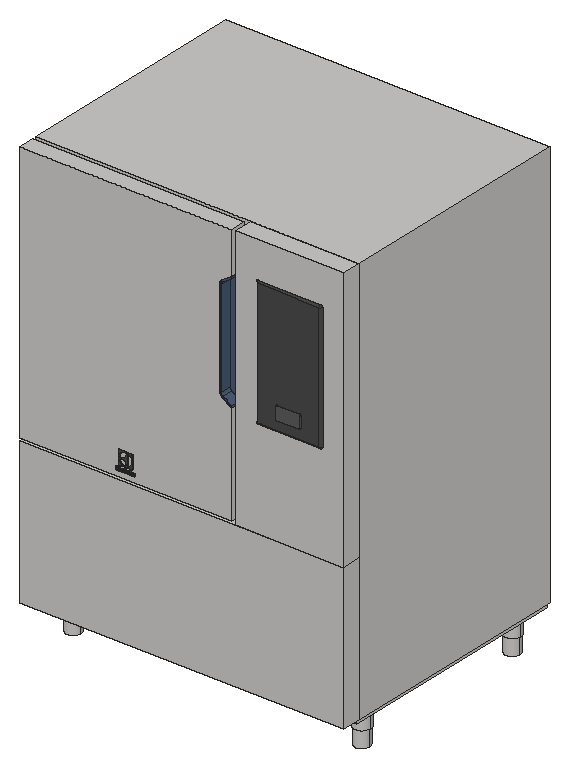
Revit family "QF_ELECTROLUXPROFESSIONAL_727741_EBFA12RE", category Specialty Equipment, Revit 2018
Family settings
  Round Connector Dimension = Use Diameter
  Part Type = Normal
  Work Plane-Based = No
  Always vertical = Yes
  Cut with Voids When Loaded = No
  Shared = No
  Room Calculation Point = No
Parameters
  Weight = 0.00 kg
  Watts = 0 W
  Volts = 220 V
  URL Manufacturer = "http://professional.electrolux.com"
  URL = "http://professional.electrolux.com"
  Steam Supply Size = 0 mm
  Steam Supply Minimum Pressure = 0.0 Pa
  Steam Supply Maximum Pressure = 0.0 Pa
  Steam Pounds per Hour = 0
  Show Logo [instance] = yes
  Show Clearance [instance] = yes
  Refrigeration Suction Line Size = 0 mm
  Refrigeration Liquid Line Size = 0 mm
  Refrigerant Compressor Remote = yes
  Manufacturer = "Electrolux"
  Phase = 1
  Model = "EBFA12RE"
  Length Actual = 1250 mm  # constant formula
  Item Number = "727741"
  Hot Water Size = 0 mm
  Height Actual = 1730 mm  # constant formula
  HP = "2.5 HP"
  Gas Size = 0 mm
  Gas KW = 0
  Gas Input Pressure = 0 W
  Direct Waste Size = 139.7 mm
  Description = "SKYLINE CHILLS BLAST CHILLER FREEZER 100/70KG 10 GN 2/1 - REMOTE REFRIGERATING UNIT"
  Depth Actual = 1092 mm  # constant formula
  Cycle = 60 Hz
  Condensate Return Size = 0 mm
  Compressed Air Volume = 0.0 L/s
  Compressed Air Size = 0 mm
  Compressed Air Pressure = 0.0 Pa
  Cold Water Size = 0 mm
  Accessory = yes
Reference planes
  plane 1 "Center X": y = 205.851
  plane 2: z = 0
  plane 3 "Center Y": x = -311.5
  plane 4 "BACK": y = 703.851
  plane 5 "FRONT": y = -292.149
  plane 6: z = 130
  plane 7 "TOP": z = 1730
  plane 8: y = 608.851
  plane 9: y = 795.851
  plane 10: y = -1071.149
  plane 11 "RIGHT": x = 313.5
  plane 12 "LEFT": x = -936.5
  plane 13: x = -869.5
  plane 14: x = 246.5
  plane 15: y = -118.149
Forms (mm)
  Extrusion 1, solid, material "QF_Finishes_Stainless Steel"
    sketch origin (0, 0, 1730) x (-1, 0, 0) y (0, -1, 0)
      loop
        line (936.5, -703.851) -> (936.5, 216.149) -> (-313.5, 216.149) -> (-313.5, -703.851) -> (936.5, -703.851)
    from 0 to -1580
  Extrusion 2, solid, material "QF_Finishes_Stainless Steel"
    sketch origin (-645.92, -0.954, 258.709) x (0, 1, 0) y (0, 0, 1)
      loop
        line (704.805, 694.306) -> (704.805, 392.314) -> (789.5, 399.789)
        arc (789.5, 399.789) -> (794.702, 402.354) -> (796.805, 407.759) r 8
        line (796.805, 407.759) -> (796.805, 433.233)
        arc (796.805, 433.233) -> (792.783, 442.547) -> (796.805, 451.86) r 12.795
        line (796.805, 451.86) -> (796.805, 483.24)
        arc (796.805, 483.24) -> (792.783, 492.554) -> (796.805, 501.867) r 12.795
        line (796.805, 501.867) -> (796.805, 533.247)
        arc (796.805, 533.247) -> (792.783, 542.56) -> (796.805, 551.874) r 12.795
        line (796.805, 551.874) -> (796.805, 583.254)
        arc (796.805, 583.254) -> (792.783, 592.567) -> (796.805, 601.881) r 12.795
        line (796.805, 601.881) -> (796.805, 634.796)
        arc (796.805, 634.796) -> (795.466, 639.795) -> (791.808, 643.455) r 10
        line (791.808, 643.455) -> (704.805, 694.306)
    from 618.187 to 801.865
  Extrusion 3, solid, material "QF_Finishes_Stainless Steel"
    sketch origin (-261.647, 703.851, 2065) x (1, 0, 0) y (0, 0, -1)
      loop
        circle (482.147, 1472) r 10.5
    from 0 to 29
  Extrusion 4, solid, material "QF_Finishes_Stainless Steel"
    sketch origin (-1206.916, -1524, 130) x (-1, 0, 0) y (0, -1, 0)
      loop
        line (-270.416, -1231.851) -> (-1520.416, -1231.851) -> (-1520.416, -1306.851) -> (-270.416, -1306.851) -> (-270.416, -1231.851)
    from 580 to 20.02
  Extrusion 5, solid, material "QF_Finishes_Stainless Steel"
    sketch origin (-1206.916, -1524, 130) x (-1, 0, 0) y (0, -1, 0)
      loop
        line (-279.416, -2227.851) -> (-279.416, -1309.851) -> (-1511.416, -1309.851) -> (-1511.416, -2227.851) -> (-279.416, -2227.851)
    from 20 to 0
  Extrusion 6, solid, material "QF_Finishes_Stainless Steel"
    sketch origin (-1206.916, -1524, 130) x (0, -1, 0) y (-1, 0, 0)
      loop
        circle (-1739.851, -840.416) r 9.5
    from 0 to 31.68
  Extrusion 7, void
    sketch origin (114.08, 0, 1730) x (-1, 0, 0) y (0, -1, 0)
      loop
        line (132.09, -795.851) -> (141.813, -795.851) -> (141.813, -703.851) -> (140.183, -703.851) -> (132.09, -795.851)
      loop
        line (-40.234, -703.851) -> (-41.865, -703.851) -> (-41.865, -795.851) -> (-32.141, -795.851) -> (-40.234, -703.851)
    from -1080 to -770
  Extrusion 8, solid, material "QF_Finishes_Stainless Steel"
    sketch origin (-623, -292.149, 0) x (1, 0, 0) y (0, 0, -1)
      loop
        line (504.7, -1730) -> (504.7, -1567.97) -> (468.447, -1543.888)
        arc (468.447, -1543.888) -> (462.216, -1537.041) -> (459.96, -1528.062) r 19
        line (459.96, -1528.062) -> (459.96, -1153.149)
        arc (459.96, -1153.149) -> (462.339, -1143.688) -> (468.91, -1136.479) r 20
        line (468.91, -1136.479) -> (504.7, -1112.756) -> (504.7, -719.524) -> (-313.5, -719.524) -> (-313.5, -1730) -> (504.7, -1730)
    from 0 to 60
  Extrusion 9, solid, material "QF_Finishes_Stainless Steel"
    sketch origin (-445.5, 0, 1060.038) x (1, 0, 0) y (0, 1, 0)
      loop
        line (759, -292.149) -> (759, -217.149) -> (342, -217.149) -> (342, -292.149) -> (759, -292.149)
    from 669.962 to -349
  Extrusion 10, solid, material "QF_Door-Drawer Clearances", visible <- "Show Clearance", detail levels coarse
    sketch origin (-623, 0, 1060.038) x (1, 0, 0) y (0, 1, 0)
      loop
        line (-260.5, -292.149) -> (-260.5, -1068.649)
        arc (-260.5, -1068.649) -> (276.158, -832.215) -> (504.7, -292.149) r 795
        line (504.7, -292.149) -> (-260.5, -292.149)
    from -340.514 to 669.962
  Extrusion 11, solid, material "QF_Finishes_Stainless Steel"
    sketch origin (-569.5, -232.149, 600.072) x (1, 0, 0) y (0, 0, -1)
      loop
        line (406.46, -553.076) -> (406.46, -927.989)
        arc (406.46, -927.989) -> (408.716, -936.969) -> (414.947, -943.816) r 19
        line (414.947, -943.816) -> (451.2, -967.898) -> (451.2, -512.683) -> (415.41, -536.406)
        arc (415.41, -536.406) -> (408.839, -543.616) -> (406.46, -553.076) r 20
    from -21 to 0
  Extrusion 12, solid, material "QF_Finishes_Electrolux_Blue"
    sketch origin (-569.5, -292.149, 600.072) x (-1, 0, 0) y (0, 0, -1)
      loop
        line (-451.2, -967.898) -> (-414.947, -943.816)
        arc (-414.947, -943.816) -> (-408.716, -936.969) -> (-406.46, -927.989) r 19
        line (-406.46, -927.989) -> (-406.46, -553.076)
        arc (-406.46, -553.076) -> (-408.839, -543.616) -> (-415.41, -536.406) r 20
        line (-415.41, -536.406) -> (-451.2, -512.683) -> (-453.7, -512.683) -> (-453.7, -518.824) -> (-419.001, -541.824)
        arc (-419.001, -541.824) -> (-414.566, -546.691) -> (-412.96, -553.076) r 13.5
        line (-412.96, -553.076) -> (-412.96, -927.989)
        arc (-412.96, -927.989) -> (-414.444, -933.897) -> (-418.543, -938.401) r 12.5
        line (-418.543, -938.401) -> (-453.7, -961.755) -> (-453.7, -967.898) -> (-451.2, -967.898)
    from -39 to 1
  Extrusion 13, void
    sketch origin (136, -219.149, 1731) x (1, 0, 0) y (0, 0, -1)
      loop
        line (-387.5, 75) -> (-387.5, 977) -> (-998.5, 977) -> (-998.5, 75) -> (-387.5, 75)
    from 0 to 705
  Extrusion 14, solid, material "QF_Door-Drawer Clearances", visible <- "Show Clearance", detail levels coarse
    sketch origin (-943.5, -326.949, 0) x (0, -1, 0) y (0, 0, -1)
      loop
        line (741.7, -1730) -> (741.7, -1567.97) -> (705.447, -1543.888)
        arc (705.447, -1543.888) -> (699.216, -1537.041) -> (696.96, -1528.062) r 19
        line (696.96, -1528.062) -> (696.96, -1153.149)
        arc (696.96, -1153.149) -> (699.339, -1143.688) -> (705.91, -1136.479) r 20
        line (705.91, -1136.479) -> (741.7, -1112.756) -> (741.7, -719.524) -> (-34.8, -719.524) -> (-34.8, -1730) -> (741.7, -1730)
    from 0 to 60
  Extrusion 15, solid, material "QF_Door-Drawer Clearances", visible <- "Show Clearance", detail levels coarse
    sketch origin (-883.5, -380.449, 600.072) x (0, -1, 0) y (0, 0, -1)
      loop
        line (643.46, -553.076) -> (643.46, -927.989)
        arc (643.46, -927.989) -> (645.716, -936.969) -> (651.947, -943.816) r 19
        line (651.947, -943.816) -> (688.2, -967.898) -> (688.2, -512.683) -> (652.41, -536.406)
        arc (652.41, -536.406) -> (645.839, -543.616) -> (643.46, -553.076) r 20
    from -21 to 0
  Extrusion 16, solid, material "QF_Door-Drawer Clearances", visible <- "Show Clearance", detail levels coarse
    sketch origin (-943.5, -380.449, 600.072) x (0, 1, 0) y (0, 0, -1)
      loop
        line (-688.2, -967.898) -> (-651.947, -943.816)
        arc (-651.947, -943.816) -> (-645.716, -936.969) -> (-643.46, -927.989) r 19
        line (-643.46, -927.989) -> (-643.46, -553.076)
        arc (-643.46, -553.076) -> (-645.839, -543.616) -> (-652.41, -536.406) r 20
        line (-652.41, -536.406) -> (-688.2, -512.683) -> (-690.7, -512.683) -> (-690.7, -518.824) -> (-656.001, -541.824)
        arc (-656.001, -541.824) -> (-651.566, -546.691) -> (-649.96, -553.076) r 13.5
        line (-649.96, -553.076) -> (-649.96, -927.989)
        arc (-649.96, -927.989) -> (-651.444, -933.897) -> (-655.543, -938.401) r 12.5
        line (-655.543, -938.401) -> (-690.7, -961.755) -> (-690.7, -967.898) -> (-688.2, -967.898)
    from -39 to 1
  Extrusion 17, solid, material "QF_Finishes_Stainless Steel"
    sketch origin (-936.5, 703.851, 1730) x (1, 0, 0) y (0, 0, -1)
      loop
        circle (1031.8, 1513) r 4.75
    from -100 to -80
  Extrusion 18, solid, material "QF_Finishes_Stainless Steel"
    sketch origin (-936.5, 703.851, 1730) x (1, 0, 0) y (0, 0, -1)
      loop
        circle (974.2, 1508) r 8
    from -100 to -20
Cuts and joins
  Extrusion 13 cuts Extrusion 1
  Extrusion 7, Extrusion 13 cuts Extrusion 2
  Extrusion 13 cuts Extrusion 3
  Extrusion 13 cuts Extrusion 5
  Extrusion 13 cuts Extrusion 6
  joined: Extrusion 1, Extrusion 2, Extrusion 3, Extrusion 5, Extrusion 6
  joined: Extrusion 10, Extrusion 14, Extrusion 15, Extrusion 16
Lines and regions (mm)
  Split face 1
    outline origin (775.107, -292.149, -365.12) x (-1, 0, 0) y (0, 0, -1)
      loop
        line (491.638, -548.639) -> (601.654, -548.639) -> (601.654, -543.665) -> (491.638, -543.665) -> (491.638, -548.639)
  Split face 2
    outline origin (775.107, -292.149, -355.62) x (-1, 0, 0) y (0, 0, -1)
      loop
        line (491.638, -548.639) -> (601.654, -548.639) -> (601.654, -543.665) -> (491.638, -543.665) -> (491.638, -548.639)
  Split face 3
    outline origin (775.107, -292.149, -346.12) x (-1, 0, 0) y (0, 0, -1)
      loop
        line (491.638, -548.639) -> (601.654, -548.639) -> (601.654, -543.665) -> (491.638, -543.665) -> (491.638, -548.639)
  Split face 4
    outline origin (775.107, -292.149, -336.62) x (-1, 0, 0) y (0, 0, -1)
      loop
        line (491.638, -548.639) -> (601.654, -548.639) -> (601.654, -543.665) -> (491.638, -543.665) -> (491.638, -548.639)
  Split face 5
    outline origin (775.107, -292.149, -327.12) x (-1, 0, 0) y (0, 0, -1)
      loop
        line (491.638, -548.639) -> (601.654, -548.639) -> (601.654, -543.665) -> (491.638, -543.665) -> (491.638, -548.639)
  Split face 6
    outline origin (775.107, -292.149, -317.619) x (-1, 0, 0) y (0, 0, -1)
      loop
        line (491.638, -548.639) -> (601.654, -548.639) -> (601.654, -543.665) -> (491.638, -543.665) -> (491.638, -548.639)
  Split face 7
    outline origin (775.107, -292.149, -308.119) x (-1, 0, 0) y (0, 0, -1)
      loop
        line (491.638, -548.639) -> (601.654, -548.639) -> (601.654, -543.665) -> (491.638, -543.665) -> (491.638, -548.639)
  Split face 8
    outline origin (775.107, -292.149, -298.619) x (-1, 0, 0) y (0, 0, -1)
      loop
        line (491.638, -548.639) -> (601.654, -548.639) -> (601.654, -543.665) -> (491.638, -543.665) -> (491.638, -548.639)
  Split face 9
    outline origin (775.107, -292.149, -289.119) x (-1, 0, 0) y (0, 0, -1)
      loop
        line (491.638, -548.639) -> (601.654, -548.639) -> (601.654, -543.665) -> (491.638, -543.665) -> (491.638, -548.639)
  Split face 10
    outline origin (775.107, -292.149, -279.619) x (-1, 0, 0) y (0, 0, -1)
      loop
        line (491.638, -548.639) -> (601.654, -548.639) -> (601.654, -543.665) -> (491.638, -543.665) -> (491.638, -548.639)
  Split face 11
    outline origin (775.107, -292.149, -270.119) x (-1, 0, 0) y (0, 0, -1)
      loop
        line (491.638, -548.639) -> (601.654, -548.639) -> (601.654, -543.665) -> (491.638, -543.665) -> (491.638, -548.639)
  Split face 12
    outline origin (775.107, -292.149, -260.619) x (-1, 0, 0) y (0, 0, -1)
      loop
        line (491.638, -548.639) -> (601.654, -548.639) -> (601.654, -543.665) -> (491.638, -543.665) -> (491.638, -548.639)
  Split face 13
    outline origin (775.107, -292.149, -251.119) x (-1, 0, 0) y (0, 0, -1)
      loop
        line (491.638, -548.639) -> (601.654, -548.639) -> (601.654, -543.665) -> (491.638, -543.665) -> (491.638, -548.639)
  Split face 14
    outline origin (775.107, -292.149, -241.619) x (-1, 0, 0) y (0, 0, -1)
      loop
        line (491.638, -548.639) -> (601.654, -548.639) -> (601.654, -543.665) -> (491.638, -543.665) -> (491.638, -548.639)
  Split face 15
    outline origin (775.107, -292.149, -232.119) x (-1, 0, 0) y (0, 0, -1)
      loop
        line (491.638, -548.639) -> (601.654, -548.639) -> (601.654, -543.665) -> (491.638, -543.665) -> (491.638, -548.639)
  Split face 16
    outline origin (775.107, -292.149, -222.619) x (-1, 0, 0) y (0, 0, -1)
      loop
        line (491.638, -548.639) -> (601.654, -548.639) -> (601.654, -543.665) -> (491.638, -543.665) -> (491.638, -548.639)
  Split face 17
    outline origin (775.107, -292.149, -213.119) x (-1, 0, 0) y (0, 0, -1)
      loop
        line (491.638, -548.639) -> (601.654, -548.639) -> (601.654, -543.665) -> (491.638, -543.665) -> (491.638, -548.639)
  Split face 18
    outline origin (775.107, -292.149, -203.619) x (-1, 0, 0) y (0, 0, -1)
      loop
        line (491.638, -548.639) -> (601.654, -548.639) -> (601.654, -543.665) -> (491.638, -543.665) -> (491.638, -548.639)
  Split face 19
    outline origin (775.107, -292.149, -194.118) x (-1, 0, 0) y (0, 0, -1)
      loop
        line (491.638, -548.639) -> (601.654, -548.639) -> (601.654, -543.665) -> (491.638, -543.665) -> (491.638, -548.639)
  Split face 20
    outline origin (775.107, -292.149, -184.618) x (-1, 0, 0) y (0, 0, -1)
      loop
        line (491.638, -548.639) -> (601.654, -548.639) -> (601.654, -543.665) -> (491.638, -543.665) -> (491.638, -548.639)
  Split face 21
    outline origin (775.107, -292.149, -175.118) x (-1, 0, 0) y (0, 0, -1)
      loop
        line (491.638, -548.639) -> (601.654, -548.639) -> (601.654, -543.665) -> (491.638, -543.665) -> (491.638, -548.639)
  Split face 22
    outline origin (775.107, -292.149, -165.618) x (-1, 0, 0) y (0, 0, -1)
      loop
        line (491.638, -548.639) -> (601.654, -548.639) -> (601.654, -543.665) -> (491.638, -543.665) -> (491.638, -548.639)
  Split face 23
    outline origin (775.107, -292.149, -156.118) x (-1, 0, 0) y (0, 0, -1)
      loop
        line (491.638, -548.639) -> (601.654, -548.639) -> (601.654, -543.665) -> (491.638, -543.665) -> (491.638, -548.639)
  Split face 24
    outline origin (775.107, -292.149, -146.618) x (-1, 0, 0) y (0, 0, -1)
      loop
        line (491.638, -548.639) -> (601.654, -548.639) -> (601.654, -543.665) -> (491.638, -543.665) -> (491.638, -548.639)
  Split face 25
    outline origin (775.107, -292.149, -137.118) x (-1, 0, 0) y (0, 0, -1)
      loop
        line (491.638, -548.639) -> (601.654, -548.639) -> (601.654, -543.665) -> (491.638, -543.665) -> (491.638, -548.639)
  Split face 26
    outline origin (775.107, -292.149, -127.618) x (-1, 0, 0) y (0, 0, -1)
      loop
        line (491.638, -548.639) -> (601.654, -548.639) -> (601.654, -543.665) -> (491.638, -543.665) -> (491.638, -548.639)
  Split face 27
    outline origin (775.107, -292.149, -118.118) x (-1, 0, 0) y (0, 0, -1)
      loop
        line (491.638, -548.639) -> (601.654, -548.639) -> (601.654, -543.665) -> (491.638, -543.665) -> (491.638, -548.639)
  Split face 28
    outline origin (775.107, -292.149, -108.618) x (-1, 0, 0) y (0, 0, -1)
      loop
        line (491.638, -548.639) -> (601.654, -548.639) -> (601.654, -543.665) -> (491.638, -543.665) -> (491.638, -548.639)
  Split face 29
    outline origin (775.107, -292.149, -99.118) x (-1, 0, 0) y (0, 0, -1)
      loop
        line (491.638, -548.639) -> (601.654, -548.639) -> (601.654, -543.665) -> (491.638, -543.665) -> (491.638, -548.639)
  Split face 30
    outline origin (775.107, -292.149, -89.618) x (-1, 0, 0) y (0, 0, -1)
      loop
        line (491.638, -548.639) -> (601.654, -548.639) -> (601.654, -543.665) -> (491.638, -543.665) -> (491.638, -548.639)
  Split face 31
    outline origin (775.107, -292.149, -80.117) x (-1, 0, 0) y (0, 0, -1)
      loop
        line (491.638, -548.639) -> (601.654, -548.639) -> (601.654, -543.665) -> (491.638, -543.665) -> (491.638, -548.639)
  Split face 32
    outline origin (775.107, -292.149, -70.617) x (-1, 0, 0) y (0, 0, -1)
      loop
        line (491.638, -548.639) -> (601.654, -548.639) -> (601.654, -543.665) -> (491.638, -543.665) -> (491.638, -548.639)
  Split face 33
    outline origin (775.107, -292.149, -61.117) x (-1, 0, 0) y (0, 0, -1)
      loop
        line (491.638, -548.639) -> (601.654, -548.639) -> (601.654, -543.665) -> (491.638, -543.665) -> (491.638, -548.639)
  Split face 34
    outline origin (775.107, -292.149, -51.617) x (-1, 0, 0) y (0, 0, -1)
      loop
        line (491.638, -548.639) -> (601.654, -548.639) -> (601.654, -543.665) -> (491.638, -543.665) -> (491.638, -548.639)
  Split face 35
    outline origin (775.107, -292.149, -42.117) x (-1, 0, 0) y (0, 0, -1)
      loop
        line (491.638, -548.639) -> (601.654, -548.639) -> (601.654, -543.665) -> (491.638, -543.665) -> (491.638, -548.639)
  Split face 36
    outline origin (775.107, -292.149, -32.617) x (-1, 0, 0) y (0, 0, -1)
      loop
        line (491.638, -548.639) -> (601.654, -548.639) -> (601.654, -543.665) -> (491.638, -543.665) -> (491.638, -548.639)
  Split face 37
    outline origin (775.107, -292.149, -23.117) x (-1, 0, 0) y (0, 0, -1)
      loop
        line (491.638, -548.639) -> (601.654, -548.639) -> (601.654, -543.665) -> (491.638, -543.665) -> (491.638, -548.639)
  Split face 38
    outline origin (775.107, -292.149, -13.617) x (-1, 0, 0) y (0, 0, -1)
      loop
        line (491.638, -548.639) -> (601.654, -548.639) -> (601.654, -543.665) -> (491.638, -543.665) -> (491.638, -548.639)
  Split face 39
    outline origin (775.107, -292.149, -4.117) x (-1, 0, 0) y (0, 0, -1)
      loop
        line (491.638, -548.639) -> (601.654, -548.639) -> (601.654, -543.665) -> (491.638, -543.665) -> (491.638, -548.639)
  Split face 40
    outline origin (775.107, -292.149, 5.383) x (-1, 0, 0) y (0, 0, -1)
      loop
        line (491.638, -548.639) -> (601.654, -548.639) -> (601.654, -543.665) -> (491.638, -543.665) -> (491.638, -548.639)
  Split face 41
    outline origin (775.107, -292.149, 14.883) x (-1, 0, 0) y (0, 0, -1)
      loop
        line (491.638, -548.639) -> (601.654, -548.639) -> (601.654, -543.665) -> (491.638, -543.665) -> (491.638, -548.639)
  Split face 42
    outline origin (655.115, -292.149, -365.12) x (-1, 0, 0) y (0, 0, -1)
      loop
        line (491.638, -548.639) -> (601.654, -548.639) -> (601.654, -543.665) -> (491.638, -543.665) -> (491.638, -548.639)
  Split face 43
    outline origin (655.115, -292.149, -355.62) x (-1, 0, 0) y (0, 0, -1)
      loop
        line (491.638, -548.639) -> (601.654, -548.639) -> (601.654, -543.665) -> (491.638, -543.665) -> (491.638, -548.639)
  Split face 44
    outline origin (655.115, -292.149, -346.12) x (-1, 0, 0) y (0, 0, -1)
      loop
        line (491.638, -548.639) -> (601.654, -548.639) -> (601.654, -543.665) -> (491.638, -543.665) -> (491.638, -548.639)
  Split face 45
    outline origin (655.115, -292.149, -336.62) x (-1, 0, 0) y (0, 0, -1)
      loop
        line (491.638, -548.639) -> (601.654, -548.639) -> (601.654, -543.665) -> (491.638, -543.665) -> (491.638, -548.639)
  Split face 46
    outline origin (655.115, -292.149, -327.12) x (-1, 0, 0) y (0, 0, -1)
      loop
        line (491.638, -548.639) -> (601.654, -548.639) -> (601.654, -543.665) -> (491.638, -543.665) -> (491.638, -548.639)
  Split face 47
    outline origin (655.115, -292.149, -317.619) x (-1, 0, 0) y (0, 0, -1)
      loop
        line (491.638, -548.639) -> (601.654, -548.639) -> (601.654, -543.665) -> (491.638, -543.665) -> (491.638, -548.639)
  Split face 48
    outline origin (655.115, -292.149, -308.119) x (-1, 0, 0) y (0, 0, -1)
      loop
        line (491.638, -548.639) -> (601.654, -548.639) -> (601.654, -543.665) -> (491.638, -543.665) -> (491.638, -548.639)
  Split face 49
    outline origin (655.115, -292.149, -298.619) x (-1, 0, 0) y (0, 0, -1)
      loop
        line (491.638, -548.639) -> (601.654, -548.639) -> (601.654, -543.665) -> (491.638, -543.665) -> (491.638, -548.639)
  Split face 50
    outline origin (655.115, -292.149, -289.119) x (-1, 0, 0) y (0, 0, -1)
      loop
        line (491.638, -548.639) -> (601.654, -548.639) -> (601.654, -543.665) -> (491.638, -543.665) -> (491.638, -548.639)
  Split face 51
    outline origin (655.115, -292.149, -279.619) x (-1, 0, 0) y (0, 0, -1)
      loop
        line (491.638, -548.639) -> (601.654, -548.639) -> (601.654, -543.665) -> (491.638, -543.665) -> (491.638, -548.639)
  Split face 52
    outline origin (655.115, -292.149, -270.119) x (-1, 0, 0) y (0, 0, -1)
      loop
        line (491.638, -548.639) -> (601.654, -548.639) -> (601.654, -543.665) -> (491.638, -543.665) -> (491.638, -548.639)
  Split face 53
    outline origin (655.115, -292.149, -260.619) x (-1, 0, 0) y (0, 0, -1)
      loop
        line (491.638, -548.639) -> (601.654, -548.639) -> (601.654, -543.665) -> (491.638, -543.665) -> (491.638, -548.639)
  Split face 54
    outline origin (655.115, -292.149, -251.119) x (-1, 0, 0) y (0, 0, -1)
      loop
        line (491.638, -548.639) -> (601.654, -548.639) -> (601.654, -543.665) -> (491.638, -543.665) -> (491.638, -548.639)
  Split face 55
    outline origin (655.115, -292.149, -241.619) x (-1, 0, 0) y (0, 0, -1)
      loop
        line (491.638, -548.639) -> (601.654, -548.639) -> (601.654, -543.665) -> (491.638, -543.665) -> (491.638, -548.639)
  Split face 56
    outline origin (655.115, -292.149, -232.119) x (-1, 0, 0) y (0, 0, -1)
      loop
        line (491.638, -548.639) -> (601.654, -548.639) -> (601.654, -543.665) -> (491.638, -543.665) -> (491.638, -548.639)
  Split face 57
    outline origin (655.115, -292.149, -222.619) x (-1, 0, 0) y (0, 0, -1)
      loop
        line (491.638, -548.639) -> (601.654, -548.639) -> (601.654, -543.665) -> (491.638, -543.665) -> (491.638, -548.639)
  Split face 58
    outline origin (655.115, -292.149, -213.119) x (-1, 0, 0) y (0, 0, -1)
      loop
        line (491.638, -548.639) -> (601.654, -548.639) -> (601.654, -543.665) -> (491.638, -543.665) -> (491.638, -548.639)
  Split face 59
    outline origin (655.115, -292.149, -203.619) x (-1, 0, 0) y (0, 0, -1)
      loop
        line (491.638, -548.639) -> (601.654, -548.639) -> (601.654, -543.665) -> (491.638, -543.665) -> (491.638, -548.639)
  Split face 60
    outline origin (655.115, -292.149, -194.118) x (-1, 0, 0) y (0, 0, -1)
      loop
        line (491.638, -548.639) -> (601.654, -548.639) -> (601.654, -543.665) -> (491.638, -543.665) -> (491.638, -548.639)
  Split face 61
    outline origin (655.115, -292.149, -184.618) x (-1, 0, 0) y (0, 0, -1)
      loop
        line (491.638, -548.639) -> (601.654, -548.639) -> (601.654, -543.665) -> (491.638, -543.665) -> (491.638, -548.639)
  Split face 62
    outline origin (655.115, -292.149, -175.118) x (-1, 0, 0) y (0, 0, -1)
      loop
        line (491.638, -548.639) -> (601.654, -548.639) -> (601.654, -543.665) -> (491.638, -543.665) -> (491.638, -548.639)
  Split face 63
    outline origin (655.115, -292.149, -165.618) x (-1, 0, 0) y (0, 0, -1)
      loop
        line (491.638, -548.639) -> (601.654, -548.639) -> (601.654, -543.665) -> (491.638, -543.665) -> (491.638, -548.639)
  Split face 64
    outline origin (655.115, -292.149, -156.118) x (-1, 0, 0) y (0, 0, -1)
      loop
        line (491.638, -548.639) -> (601.654, -548.639) -> (601.654, -543.665) -> (491.638, -543.665) -> (491.638, -548.639)
  Split face 65
    outline origin (655.115, -292.149, -146.618) x (-1, 0, 0) y (0, 0, -1)
      loop
        line (491.638, -548.639) -> (601.654, -548.639) -> (601.654, -543.665) -> (491.638, -543.665) -> (491.638, -548.639)
  Split face 66
    outline origin (655.115, -292.149, -137.118) x (-1, 0, 0) y (0, 0, -1)
      loop
        line (491.638, -548.639) -> (601.654, -548.639) -> (601.654, -543.665) -> (491.638, -543.665) -> (491.638, -548.639)
  Split face 67
    outline origin (655.115, -292.149, -127.618) x (-1, 0, 0) y (0, 0, -1)
      loop
        line (491.638, -548.639) -> (601.654, -548.639) -> (601.654, -543.665) -> (491.638, -543.665) -> (491.638, -548.639)
  Split face 68
    outline origin (655.115, -292.149, -118.118) x (-1, 0, 0) y (0, 0, -1)
      loop
        line (491.638, -548.639) -> (601.654, -548.639) -> (601.654, -543.665) -> (491.638, -543.665) -> (491.638, -548.639)
  Split face 69
    outline origin (655.115, -292.149, -108.618) x (-1, 0, 0) y (0, 0, -1)
      loop
        line (491.638, -548.639) -> (601.654, -548.639) -> (601.654, -543.665) -> (491.638, -543.665) -> (491.638, -548.639)
  Split face 70
    outline origin (655.115, -292.149, -99.118) x (-1, 0, 0) y (0, 0, -1)
      loop
        line (491.638, -548.639) -> (601.654, -548.639) -> (601.654, -543.665) -> (491.638, -543.665) -> (491.638, -548.639)
  Split face 71
    outline origin (655.115, -292.149, -89.618) x (-1, 0, 0) y (0, 0, -1)
      loop
        line (491.638, -548.639) -> (601.654, -548.639) -> (601.654, -543.665) -> (491.638, -543.665) -> (491.638, -548.639)
  Split face 72
    outline origin (655.115, -292.149, -80.117) x (-1, 0, 0) y (0, 0, -1)
      loop
        line (491.638, -548.639) -> (601.654, -548.639) -> (601.654, -543.665) -> (491.638, -543.665) -> (491.638, -548.639)
  Split face 73
    outline origin (655.115, -292.149, -70.617) x (-1, 0, 0) y (0, 0, -1)
      loop
        line (491.638, -548.639) -> (601.654, -548.639) -> (601.654, -543.665) -> (491.638, -543.665) -> (491.638, -548.639)
  Split face 74
    outline origin (655.115, -292.149, -61.117) x (-1, 0, 0) y (0, 0, -1)
      loop
        line (491.638, -548.639) -> (601.654, -548.639) -> (601.654, -543.665) -> (491.638, -543.665) -> (491.638, -548.639)
  Split face 75
    outline origin (655.115, -292.149, -51.617) x (-1, 0, 0) y (0, 0, -1)
      loop
        line (491.638, -548.639) -> (601.654, -548.639) -> (601.654, -543.665) -> (491.638, -543.665) -> (491.638, -548.639)
  Split face 76
    outline origin (655.115, -292.149, -42.117) x (-1, 0, 0) y (0, 0, -1)
      loop
        line (491.638, -548.639) -> (601.654, -548.639) -> (601.654, -543.665) -> (491.638, -543.665) -> (491.638, -548.639)
  Split face 77
    outline origin (655.115, -292.149, -32.617) x (-1, 0, 0) y (0, 0, -1)
      loop
        line (491.638, -548.639) -> (601.654, -548.639) -> (601.654, -543.665) -> (491.638, -543.665) -> (491.638, -548.639)
  Split face 78
    outline origin (655.115, -292.149, -23.117) x (-1, 0, 0) y (0, 0, -1)
      loop
        line (491.638, -548.639) -> (601.654, -548.639) -> (601.654, -543.665) -> (491.638, -543.665) -> (491.638, -548.639)
  Split face 79
    outline origin (655.115, -292.149, -13.617) x (-1, 0, 0) y (0, 0, -1)
      loop
        line (491.638, -548.639) -> (601.654, -548.639) -> (601.654, -543.665) -> (491.638, -543.665) -> (491.638, -548.639)
  Split face 80
    outline origin (655.115, -292.149, -4.117) x (-1, 0, 0) y (0, 0, -1)
      loop
        line (491.638, -548.639) -> (601.654, -548.639) -> (601.654, -543.665) -> (491.638, -543.665) -> (491.638, -548.639)
  Split face 81
    outline origin (655.115, -292.149, 5.383) x (-1, 0, 0) y (0, 0, -1)
      loop
        line (491.638, -548.639) -> (601.654, -548.639) -> (601.654, -543.665) -> (491.638, -543.665) -> (491.638, -548.639)
  Split face 82
    outline origin (655.115, -292.149, 14.883) x (-1, 0, 0) y (0, 0, -1)
      loop
        line (491.638, -548.639) -> (601.654, -548.639) -> (601.654, -543.665) -> (491.638, -543.665) -> (491.638, -548.639)
  Split face 83
    outline origin (535.124, -292.149, -365.12) x (-1, 0, 0) y (0, 0, -1)
      loop
        line (491.638, -548.639) -> (601.654, -548.639) -> (601.654, -543.665) -> (491.638, -543.665) -> (491.638, -548.639)
  Split face 84
    outline origin (535.124, -292.149, -355.62) x (-1, 0, 0) y (0, 0, -1)
      loop
        line (491.638, -548.639) -> (601.654, -548.639) -> (601.654, -543.665) -> (491.638, -543.665) -> (491.638, -548.639)
  Split face 85
    outline origin (535.124, -292.149, -346.12) x (-1, 0, 0) y (0, 0, -1)
      loop
        line (491.638, -548.639) -> (601.654, -548.639) -> (601.654, -543.665) -> (491.638, -543.665) -> (491.638, -548.639)
  Split face 86
    outline origin (535.124, -292.149, -336.62) x (-1, 0, 0) y (0, 0, -1)
      loop
        line (491.638, -548.639) -> (601.654, -548.639) -> (601.654, -543.665) -> (491.638, -543.665) -> (491.638, -548.639)
  Split face 87
    outline origin (535.124, -292.149, -327.12) x (-1, 0, 0) y (0, 0, -1)
      loop
        line (491.638, -548.639) -> (601.654, -548.639) -> (601.654, -543.665) -> (491.638, -543.665) -> (491.638, -548.639)
  Split face 88
    outline origin (535.124, -292.149, -317.619) x (-1, 0, 0) y (0, 0, -1)
      loop
        line (491.638, -548.639) -> (601.654, -548.639) -> (601.654, -543.665) -> (491.638, -543.665) -> (491.638, -548.639)
  Split face 89
    outline origin (535.124, -292.149, -308.119) x (-1, 0, 0) y (0, 0, -1)
      loop
        line (491.638, -548.639) -> (601.654, -548.639) -> (601.654, -543.665) -> (491.638, -543.665) -> (491.638, -548.639)
  Split face 90
    outline origin (535.124, -292.149, -298.619) x (-1, 0, 0) y (0, 0, -1)
      loop
        line (491.638, -548.639) -> (601.654, -548.639) -> (601.654, -543.665) -> (491.638, -543.665) -> (491.638, -548.639)
  Split face 91
    outline origin (535.124, -292.149, -289.119) x (-1, 0, 0) y (0, 0, -1)
      loop
        line (491.638, -548.639) -> (601.654, -548.639) -> (601.654, -543.665) -> (491.638, -543.665) -> (491.638, -548.639)
  Split face 92
    outline origin (535.124, -292.149, -279.619) x (-1, 0, 0) y (0, 0, -1)
      loop
        line (491.638, -548.639) -> (601.654, -548.639) -> (601.654, -543.665) -> (491.638, -543.665) -> (491.638, -548.639)
  Split face 93
    outline origin (535.124, -292.149, -270.119) x (-1, 0, 0) y (0, 0, -1)
      loop
        line (491.638, -548.639) -> (601.654, -548.639) -> (601.654, -543.665) -> (491.638, -543.665) -> (491.638, -548.639)
  Split face 94
    outline origin (535.124, -292.149, -260.619) x (-1, 0, 0) y (0, 0, -1)
      loop
        line (491.638, -548.639) -> (601.654, -548.639) -> (601.654, -543.665) -> (491.638, -543.665) -> (491.638, -548.639)
  Split face 95
    outline origin (535.124, -292.149, -251.119) x (-1, 0, 0) y (0, 0, -1)
      loop
        line (491.638, -548.639) -> (601.654, -548.639) -> (601.654, -543.665) -> (491.638, -543.665) -> (491.638, -548.639)
  Split face 96
    outline origin (535.124, -292.149, -241.619) x (-1, 0, 0) y (0, 0, -1)
      loop
        line (491.638, -548.639) -> (601.654, -548.639) -> (601.654, -543.665) -> (491.638, -543.665) -> (491.638, -548.639)
  Split face 97
    outline origin (535.124, -292.149, -232.119) x (-1, 0, 0) y (0, 0, -1)
      loop
        line (491.638, -548.639) -> (601.654, -548.639) -> (601.654, -543.665) -> (491.638, -543.665) -> (491.638, -548.639)
  Split face 98
    outline origin (535.124, -292.149, -222.619) x (-1, 0, 0) y (0, 0, -1)
      loop
        line (491.638, -548.639) -> (601.654, -548.639) -> (601.654, -543.665) -> (491.638, -543.665) -> (491.638, -548.639)
  Split face 99
    outline origin (535.124, -292.149, -213.119) x (-1, 0, 0) y (0, 0, -1)
      loop
        line (491.638, -548.639) -> (601.654, -548.639) -> (601.654, -543.665) -> (491.638, -543.665) -> (491.638, -548.639)
  Split face 100
    outline origin (535.124, -292.149, -203.619) x (-1, 0, 0) y (0, 0, -1)
      loop
        line (491.638, -548.639) -> (601.654, -548.639) -> (601.654, -543.665) -> (491.638, -543.665) -> (491.638, -548.639)
  Split face 101
    outline origin (535.124, -292.149, -194.118) x (-1, 0, 0) y (0, 0, -1)
      loop
        line (491.638, -548.639) -> (601.654, -548.639) -> (601.654, -543.665) -> (491.638, -543.665) -> (491.638, -548.639)
  Split face 102
    outline origin (535.124, -292.149, -184.618) x (-1, 0, 0) y (0, 0, -1)
      loop
        line (491.638, -548.639) -> (601.654, -548.639) -> (601.654, -543.665) -> (491.638, -543.665) -> (491.638, -548.639)
  Split face 103
    outline origin (535.124, -292.149, -175.118) x (-1, 0, 0) y (0, 0, -1)
      loop
        line (491.638, -548.639) -> (601.654, -548.639) -> (601.654, -543.665) -> (491.638, -543.665) -> (491.638, -548.639)
  Split face 104
    outline origin (535.124, -292.149, -165.618) x (-1, 0, 0) y (0, 0, -1)
      loop
        line (491.638, -548.639) -> (601.654, -548.639) -> (601.654, -543.665) -> (491.638, -543.665) -> (491.638, -548.639)
  Split face 105
    outline origin (535.124, -292.149, -156.118) x (-1, 0, 0) y (0, 0, -1)
      loop
        line (491.638, -548.639) -> (601.654, -548.639) -> (601.654, -543.665) -> (491.638, -543.665) -> (491.638, -548.639)
  Split face 106
    outline origin (535.124, -292.149, -146.618) x (-1, 0, 0) y (0, 0, -1)
      loop
        line (491.638, -548.639) -> (601.654, -548.639) -> (601.654, -543.665) -> (491.638, -543.665) -> (491.638, -548.639)
  Split face 107
    outline origin (535.124, -292.149, -137.118) x (-1, 0, 0) y (0, 0, -1)
      loop
        line (491.638, -548.639) -> (601.654, -548.639) -> (601.654, -543.665) -> (491.638, -543.665) -> (491.638, -548.639)
  Split face 108
    outline origin (535.124, -292.149, -127.618) x (-1, 0, 0) y (0, 0, -1)
      loop
        line (491.638, -548.639) -> (601.654, -548.639) -> (601.654, -543.665) -> (491.638, -543.665) -> (491.638, -548.639)
  Split face 109
    outline origin (535.124, -292.149, -118.118) x (-1, 0, 0) y (0, 0, -1)
      loop
        line (491.638, -548.639) -> (601.654, -548.639) -> (601.654, -543.665) -> (491.638, -543.665) -> (491.638, -548.639)
  Split face 110
    outline origin (535.124, -292.149, -108.618) x (-1, 0, 0) y (0, 0, -1)
      loop
        line (491.638, -548.639) -> (601.654, -548.639) -> (601.654, -543.665) -> (491.638, -543.665) -> (491.638, -548.639)
  Split face 111
    outline origin (535.124, -292.149, -99.118) x (-1, 0, 0) y (0, 0, -1)
      loop
        line (491.638, -548.639) -> (601.654, -548.639) -> (601.654, -543.665) -> (491.638, -543.665) -> (491.638, -548.639)
  Split face 112
    outline origin (535.124, -292.149, -89.618) x (-1, 0, 0) y (0, 0, -1)
      loop
        line (491.638, -548.639) -> (601.654, -548.639) -> (601.654, -543.665) -> (491.638, -543.665) -> (491.638, -548.639)
  Split face 113
    outline origin (535.124, -292.149, -80.117) x (-1, 0, 0) y (0, 0, -1)
      loop
        line (491.638, -548.639) -> (601.654, -548.639) -> (601.654, -543.665) -> (491.638, -543.665) -> (491.638, -548.639)
  Split face 114
    outline origin (535.124, -292.149, -70.617) x (-1, 0, 0) y (0, 0, -1)
      loop
        line (491.638, -548.639) -> (601.654, -548.639) -> (601.654, -543.665) -> (491.638, -543.665) -> (491.638, -548.639)
  Split face 115
    outline origin (535.124, -292.149, -61.117) x (-1, 0, 0) y (0, 0, -1)
      loop
        line (491.638, -548.639) -> (601.654, -548.639) -> (601.654, -543.665) -> (491.638, -543.665) -> (491.638, -548.639)
  Split face 116
    outline origin (535.124, -292.149, -51.617) x (-1, 0, 0) y (0, 0, -1)
      loop
        line (491.638, -548.639) -> (601.654, -548.639) -> (601.654, -543.665) -> (491.638, -543.665) -> (491.638, -548.639)
  Split face 117
    outline origin (535.124, -292.149, -42.117) x (-1, 0, 0) y (0, 0, -1)
      loop
        line (491.638, -548.639) -> (601.654, -548.639) -> (601.654, -543.665) -> (491.638, -543.665) -> (491.638, -548.639)
  Split face 118
    outline origin (535.124, -292.149, -32.617) x (-1, 0, 0) y (0, 0, -1)
      loop
        line (491.638, -548.639) -> (601.654, -548.639) -> (601.654, -543.665) -> (491.638, -543.665) -> (491.638, -548.639)
  Split face 119
    outline origin (535.124, -292.149, -23.117) x (-1, 0, 0) y (0, 0, -1)
      loop
        line (491.638, -548.639) -> (601.654, -548.639) -> (601.654, -543.665) -> (491.638, -543.665) -> (491.638, -548.639)
  Split face 120
    outline origin (535.124, -292.149, -13.617) x (-1, 0, 0) y (0, 0, -1)
      loop
        line (491.638, -548.639) -> (601.654, -548.639) -> (601.654, -543.665) -> (491.638, -543.665) -> (491.638, -548.639)
  Split face 121
    outline origin (535.124, -292.149, -4.117) x (-1, 0, 0) y (0, 0, -1)
      loop
        line (491.638, -548.639) -> (601.654, -548.639) -> (601.654, -543.665) -> (491.638, -543.665) -> (491.638, -548.639)
  Split face 122
    outline origin (535.124, -292.149, 5.383) x (-1, 0, 0) y (0, 0, -1)
      loop
        line (491.638, -548.639) -> (601.654, -548.639) -> (601.654, -543.665) -> (491.638, -543.665) -> (491.638, -548.639)
  Split face 123
    outline origin (535.124, -292.149, 14.883) x (-1, 0, 0) y (0, 0, -1)
      loop
        line (491.638, -548.639) -> (601.654, -548.639) -> (601.654, -543.665) -> (491.638, -543.665) -> (491.638, -548.639)
  Split face 124
    outline origin (415.133, -292.149, -365.12) x (-1, 0, 0) y (0, 0, -1)
      loop
        line (491.638, -548.639) -> (601.654, -548.639) -> (601.654, -543.665) -> (491.638, -543.665) -> (491.638, -548.639)
  Split face 125
    outline origin (415.133, -292.149, -355.62) x (-1, 0, 0) y (0, 0, -1)
      loop
        line (491.638, -548.639) -> (601.654, -548.639) -> (601.654, -543.665) -> (491.638, -543.665) -> (491.638, -548.639)
  Split face 126
    outline origin (415.133, -292.149, -346.12) x (-1, 0, 0) y (0, 0, -1)
      loop
        line (491.638, -548.639) -> (601.654, -548.639) -> (601.654, -543.665) -> (491.638, -543.665) -> (491.638, -548.639)
  Split face 127
    outline origin (415.133, -292.149, -336.62) x (-1, 0, 0) y (0, 0, -1)
      loop
        line (491.638, -548.639) -> (601.654, -548.639) -> (601.654, -543.665) -> (491.638, -543.665) -> (491.638, -548.639)
  Split face 128
    outline origin (415.133, -292.149, -327.12) x (-1, 0, 0) y (0, 0, -1)
      loop
        line (491.638, -548.639) -> (601.654, -548.639) -> (601.654, -543.665) -> (491.638, -543.665) -> (491.638, -548.639)
  Split face 129
    outline origin (415.133, -292.149, -317.619) x (-1, 0, 0) y (0, 0, -1)
      loop
        line (491.638, -548.639) -> (601.654, -548.639) -> (601.654, -543.665) -> (491.638, -543.665) -> (491.638, -548.639)
  Split face 130
    outline origin (415.133, -292.149, -308.119) x (-1, 0, 0) y (0, 0, -1)
      loop
        line (491.638, -548.639) -> (601.654, -548.639) -> (601.654, -543.665) -> (491.638, -543.665) -> (491.638, -548.639)
  Split face 131
    outline origin (415.133, -292.149, -298.619) x (-1, 0, 0) y (0, 0, -1)
      loop
        line (491.638, -548.639) -> (601.654, -548.639) -> (601.654, -543.665) -> (491.638, -543.665) -> (491.638, -548.639)
  Split face 132
    outline origin (415.133, -292.149, -289.119) x (-1, 0, 0) y (0, 0, -1)
      loop
        line (491.638, -548.639) -> (601.654, -548.639) -> (601.654, -543.665) -> (491.638, -543.665) -> (491.638, -548.639)
  Split face 133
    outline origin (415.133, -292.149, -279.619) x (-1, 0, 0) y (0, 0, -1)
      loop
        line (491.638, -548.639) -> (601.654, -548.639) -> (601.654, -543.665) -> (491.638, -543.665) -> (491.638, -548.639)
  Split face 134
    outline origin (415.133, -292.149, -270.119) x (-1, 0, 0) y (0, 0, -1)
      loop
        line (491.638, -548.639) -> (601.654, -548.639) -> (601.654, -543.665) -> (491.638, -543.665) -> (491.638, -548.639)
  Split face 135
    outline origin (415.133, -292.149, -260.619) x (-1, 0, 0) y (0, 0, -1)
      loop
        line (491.638, -548.639) -> (601.654, -548.639) -> (601.654, -543.665) -> (491.638, -543.665) -> (491.638, -548.639)
  Split face 136
    outline origin (415.133, -292.149, -251.119) x (-1, 0, 0) y (0, 0, -1)
      loop
        line (491.638, -548.639) -> (601.654, -548.639) -> (601.654, -543.665) -> (491.638, -543.665) -> (491.638, -548.639)
  Split face 137
    outline origin (415.133, -292.149, -241.619) x (-1, 0, 0) y (0, 0, -1)
      loop
        line (491.638, -548.639) -> (601.654, -548.639) -> (601.654, -543.665) -> (491.638, -543.665) -> (491.638, -548.639)
  Split face 138
    outline origin (415.133, -292.149, -232.119) x (-1, 0, 0) y (0, 0, -1)
      loop
        line (491.638, -548.639) -> (601.654, -548.639) -> (601.654, -543.665) -> (491.638, -543.665) -> (491.638, -548.639)
  Split face 139
    outline origin (415.133, -292.149, -222.619) x (-1, 0, 0) y (0, 0, -1)
      loop
        line (491.638, -548.639) -> (601.654, -548.639) -> (601.654, -543.665) -> (491.638, -543.665) -> (491.638, -548.639)
  Split face 140
    outline origin (415.133, -292.149, -213.119) x (-1, 0, 0) y (0, 0, -1)
      loop
        line (491.638, -548.639) -> (601.654, -548.639) -> (601.654, -543.665) -> (491.638, -543.665) -> (491.638, -548.639)
  Split face 141
    outline origin (415.133, -292.149, -203.619) x (-1, 0, 0) y (0, 0, -1)
      loop
        line (491.638, -548.639) -> (601.654, -548.639) -> (601.654, -543.665) -> (491.638, -543.665) -> (491.638, -548.639)
  Split face 142
    outline origin (415.133, -292.149, -194.118) x (-1, 0, 0) y (0, 0, -1)
      loop
        line (491.638, -548.639) -> (601.654, -548.639) -> (601.654, -543.665) -> (491.638, -543.665) -> (491.638, -548.639)
  Split face 143
    outline origin (415.133, -292.149, -184.618) x (-1, 0, 0) y (0, 0, -1)
      loop
        line (491.638, -548.639) -> (601.654, -548.639) -> (601.654, -543.665) -> (491.638, -543.665) -> (491.638, -548.639)
  Split face 144
    outline origin (415.133, -292.149, -175.118) x (-1, 0, 0) y (0, 0, -1)
      loop
        line (491.638, -548.639) -> (601.654, -548.639) -> (601.654, -543.665) -> (491.638, -543.665) -> (491.638, -548.639)
  Split face 145
    outline origin (415.133, -292.149, -165.618) x (-1, 0, 0) y (0, 0, -1)
      loop
        line (491.638, -548.639) -> (601.654, -548.639) -> (601.654, -543.665) -> (491.638, -543.665) -> (491.638, -548.639)
  Split face 146
    outline origin (415.133, -292.149, -156.118) x (-1, 0, 0) y (0, 0, -1)
      loop
        line (491.638, -548.639) -> (601.654, -548.639) -> (601.654, -543.665) -> (491.638, -543.665) -> (491.638, -548.639)
  Split face 147
    outline origin (415.133, -292.149, -146.618) x (-1, 0, 0) y (0, 0, -1)
      loop
        line (491.638, -548.639) -> (601.654, -548.639) -> (601.654, -543.665) -> (491.638, -543.665) -> (491.638, -548.639)
  Split face 148
    outline origin (415.133, -292.149, -137.118) x (-1, 0, 0) y (0, 0, -1)
      loop
        line (491.638, -548.639) -> (601.654, -548.639) -> (601.654, -543.665) -> (491.638, -543.665) -> (491.638, -548.639)
  Split face 149
    outline origin (415.133, -292.149, -127.618) x (-1, 0, 0) y (0, 0, -1)
      loop
        line (491.638, -548.639) -> (601.654, -548.639) -> (601.654, -543.665) -> (491.638, -543.665) -> (491.638, -548.639)
  Split face 150
    outline origin (415.133, -292.149, -118.118) x (-1, 0, 0) y (0, 0, -1)
      loop
        line (491.638, -548.639) -> (601.654, -548.639) -> (601.654, -543.665) -> (491.638, -543.665) -> (491.638, -548.639)
  Split face 151
    outline origin (415.133, -292.149, -108.618) x (-1, 0, 0) y (0, 0, -1)
      loop
        line (491.638, -548.639) -> (601.654, -548.639) -> (601.654, -543.665) -> (491.638, -543.665) -> (491.638, -548.639)
  Split face 152
    outline origin (415.133, -292.149, -99.118) x (-1, 0, 0) y (0, 0, -1)
      loop
        line (491.638, -548.639) -> (601.654, -548.639) -> (601.654, -543.665) -> (491.638, -543.665) -> (491.638, -548.639)
  Split face 153
    outline origin (415.133, -292.149, -89.618) x (-1, 0, 0) y (0, 0, -1)
      loop
        line (491.638, -548.639) -> (601.654, -548.639) -> (601.654, -543.665) -> (491.638, -543.665) -> (491.638, -548.639)
  Split face 154
    outline origin (415.133, -292.149, -80.117) x (-1, 0, 0) y (0, 0, -1)
      loop
        line (491.638, -548.639) -> (601.654, -548.639) -> (601.654, -543.665) -> (491.638, -543.665) -> (491.638, -548.639)
  Split face 155
    outline origin (415.133, -292.149, -70.617) x (-1, 0, 0) y (0, 0, -1)
      loop
        line (491.638, -548.639) -> (601.654, -548.639) -> (601.654, -543.665) -> (491.638, -543.665) -> (491.638, -548.639)
  Split face 156
    outline origin (415.133, -292.149, -61.117) x (-1, 0, 0) y (0, 0, -1)
      loop
        line (491.638, -548.639) -> (601.654, -548.639) -> (601.654, -543.665) -> (491.638, -543.665) -> (491.638, -548.639)
  Split face 157
    outline origin (415.133, -292.149, -51.617) x (-1, 0, 0) y (0, 0, -1)
      loop
        line (491.638, -548.639) -> (601.654, -548.639) -> (601.654, -543.665) -> (491.638, -543.665) -> (491.638, -548.639)
  Split face 158
    outline origin (415.133, -292.149, -42.117) x (-1, 0, 0) y (0, 0, -1)
      loop
        line (491.638, -548.639) -> (601.654, -548.639) -> (601.654, -543.665) -> (491.638, -543.665) -> (491.638, -548.639)
  Split face 159
    outline origin (415.133, -292.149, -32.617) x (-1, 0, 0) y (0, 0, -1)
      loop
        line (491.638, -548.639) -> (601.654, -548.639) -> (601.654, -543.665) -> (491.638, -543.665) -> (491.638, -548.639)
  Split face 160
    outline origin (415.133, -292.149, -23.117) x (-1, 0, 0) y (0, 0, -1)
      loop
        line (491.638, -548.639) -> (601.654, -548.639) -> (601.654, -543.665) -> (491.638, -543.665) -> (491.638, -548.639)
  Split face 161
    outline origin (415.133, -292.149, -13.617) x (-1, 0, 0) y (0, 0, -1)
      loop
        line (491.638, -548.639) -> (601.654, -548.639) -> (601.654, -543.665) -> (491.638, -543.665) -> (491.638, -548.639)
  Split face 162
    outline origin (415.133, -292.149, -4.117) x (-1, 0, 0) y (0, 0, -1)
      loop
        line (491.638, -548.639) -> (601.654, -548.639) -> (601.654, -543.665) -> (491.638, -543.665) -> (491.638, -548.639)
  Split face 163
    outline origin (415.133, -292.149, 5.383) x (-1, 0, 0) y (0, 0, -1)
      loop
        line (491.638, -548.639) -> (601.654, -548.639) -> (601.654, -543.665) -> (491.638, -543.665) -> (491.638, -548.639)
  Split face 164
    outline origin (415.133, -292.149, 14.883) x (-1, 0, 0) y (0, 0, -1)
      loop
        line (491.638, -548.639) -> (601.654, -548.639) -> (601.654, -543.665) -> (491.638, -543.665) -> (491.638, -548.639)
  Split face 165
    outline origin (290.168, -292.149, -365.12) x (-1, 0, 0) y (0, 0, -1)
      loop
        line (846.638, -548.639) -> (956.654, -548.639) -> (956.654, -543.665) -> (846.638, -543.665) -> (846.638, -548.639)
  Split face 166
    outline origin (290.168, -292.149, -355.62) x (-1, 0, 0) y (0, 0, -1)
      loop
        line (846.638, -548.639) -> (956.654, -548.639) -> (956.654, -543.665) -> (846.638, -543.665) -> (846.638, -548.639)
  Split face 167
    outline origin (290.168, -292.149, -346.12) x (-1, 0, 0) y (0, 0, -1)
      loop
        line (846.638, -548.639) -> (956.654, -548.639) -> (956.654, -543.665) -> (846.638, -543.665) -> (846.638, -548.639)
  Split face 168
    outline origin (290.168, -292.149, -336.62) x (-1, 0, 0) y (0, 0, -1)
      loop
        line (846.638, -548.639) -> (956.654, -548.639) -> (956.654, -543.665) -> (846.638, -543.665) -> (846.638, -548.639)
  Split face 169
    outline origin (290.168, -292.149, -327.12) x (-1, 0, 0) y (0, 0, -1)
      loop
        line (846.638, -548.639) -> (956.654, -548.639) -> (956.654, -543.665) -> (846.638, -543.665) -> (846.638, -548.639)
  Split face 170
    outline origin (290.168, -292.149, -317.619) x (-1, 0, 0) y (0, 0, -1)
      loop
        line (846.638, -548.639) -> (956.654, -548.639) -> (956.654, -543.665) -> (846.638, -543.665) -> (846.638, -548.639)
  Split face 171
    outline origin (290.168, -292.149, -308.119) x (-1, 0, 0) y (0, 0, -1)
      loop
        line (846.638, -548.639) -> (956.654, -548.639) -> (956.654, -543.665) -> (846.638, -543.665) -> (846.638, -548.639)
  Split face 172
    outline origin (290.168, -292.149, -298.619) x (-1, 0, 0) y (0, 0, -1)
      loop
        line (846.638, -548.639) -> (956.654, -548.639) -> (956.654, -543.665) -> (846.638, -543.665) -> (846.638, -548.639)
  Split face 173
    outline origin (290.168, -292.149, -289.119) x (-1, 0, 0) y (0, 0, -1)
      loop
        line (846.638, -548.639) -> (956.654, -548.639) -> (956.654, -543.665) -> (846.638, -543.665) -> (846.638, -548.639)
  Split face 174
    outline origin (290.168, -292.149, -279.619) x (-1, 0, 0) y (0, 0, -1)
      loop
        line (846.638, -548.639) -> (956.654, -548.639) -> (956.654, -543.665) -> (846.638, -543.665) -> (846.638, -548.639)
  Split face 175
    outline origin (290.168, -292.149, -270.119) x (-1, 0, 0) y (0, 0, -1)
      loop
        line (846.638, -548.639) -> (956.654, -548.639) -> (956.654, -543.665) -> (846.638, -543.665) -> (846.638, -548.639)
  Split face 176
    outline origin (290.168, -292.149, -260.619) x (-1, 0, 0) y (0, 0, -1)
      loop
        line (846.638, -548.639) -> (956.654, -548.639) -> (956.654, -543.665) -> (846.638, -543.665) -> (846.638, -548.639)
  Split face 177
    outline origin (290.168, -292.149, -251.119) x (-1, 0, 0) y (0, 0, -1)
      loop
        line (846.638, -548.639) -> (956.654, -548.639) -> (956.654, -543.665) -> (846.638, -543.665) -> (846.638, -548.639)
  Split face 178
    outline origin (290.168, -292.149, -241.619) x (-1, 0, 0) y (0, 0, -1)
      loop
        line (846.638, -548.639) -> (956.654, -548.639) -> (956.654, -543.665) -> (846.638, -543.665) -> (846.638, -548.639)
  Split face 179
    outline origin (290.168, -292.149, -232.119) x (-1, 0, 0) y (0, 0, -1)
      loop
        line (846.638, -548.639) -> (956.654, -548.639) -> (956.654, -543.665) -> (846.638, -543.665) -> (846.638, -548.639)
  Split face 180
    outline origin (290.168, -292.149, -222.619) x (-1, 0, 0) y (0, 0, -1)
      loop
        line (846.638, -548.639) -> (956.654, -548.639) -> (956.654, -543.665) -> (846.638, -543.665) -> (846.638, -548.639)
  Split face 181
    outline origin (290.168, -292.149, -213.119) x (-1, 0, 0) y (0, 0, -1)
      loop
        line (846.638, -548.639) -> (956.654, -548.639) -> (956.654, -543.665) -> (846.638, -543.665) -> (846.638, -548.639)
  Split face 182
    outline origin (290.168, -292.149, -203.619) x (-1, 0, 0) y (0, 0, -1)
      loop
        line (846.638, -548.639) -> (956.654, -548.639) -> (956.654, -543.665) -> (846.638, -543.665) -> (846.638, -548.639)
  Split face 183
    outline origin (290.168, -292.149, -194.118) x (-1, 0, 0) y (0, 0, -1)
      loop
        line (846.638, -548.639) -> (956.654, -548.639) -> (956.654, -543.665) -> (846.638, -543.665) -> (846.638, -548.639)
  Split face 184
    outline origin (290.168, -292.149, -184.618) x (-1, 0, 0) y (0, 0, -1)
      loop
        line (846.638, -548.639) -> (956.654, -548.639) -> (956.654, -543.665) -> (846.638, -543.665) -> (846.638, -548.639)
  Split face 185
    outline origin (290.168, -292.149, -175.118) x (-1, 0, 0) y (0, 0, -1)
      loop
        line (846.638, -548.639) -> (956.654, -548.639) -> (956.654, -543.665) -> (846.638, -543.665) -> (846.638, -548.639)
  Split face 186
    outline origin (290.168, -292.149, -165.618) x (-1, 0, 0) y (0, 0, -1)
      loop
        line (846.638, -548.639) -> (956.654, -548.639) -> (956.654, -543.665) -> (846.638, -543.665) -> (846.638, -548.639)
  Split face 187
    outline origin (290.168, -292.149, -156.118) x (-1, 0, 0) y (0, 0, -1)
      loop
        line (846.638, -548.639) -> (956.654, -548.639) -> (956.654, -543.665) -> (846.638, -543.665) -> (846.638, -548.639)
  Split face 188
    outline origin (290.168, -292.149, -146.618) x (-1, 0, 0) y (0, 0, -1)
      loop
        line (846.638, -548.639) -> (956.654, -548.639) -> (956.654, -543.665) -> (846.638, -543.665) -> (846.638, -548.639)
  Split face 189
    outline origin (290.168, -292.149, -137.118) x (-1, 0, 0) y (0, 0, -1)
      loop
        line (846.638, -548.639) -> (956.654, -548.639) -> (956.654, -543.665) -> (846.638, -543.665) -> (846.638, -548.639)
  Split face 190
    outline origin (290.168, -292.149, -127.618) x (-1, 0, 0) y (0, 0, -1)
      loop
        line (846.638, -548.639) -> (956.654, -548.639) -> (956.654, -543.665) -> (846.638, -543.665) -> (846.638, -548.639)
  Split face 191
    outline origin (290.168, -292.149, -118.118) x (-1, 0, 0) y (0, 0, -1)
      loop
        line (846.638, -548.639) -> (956.654, -548.639) -> (956.654, -543.665) -> (846.638, -543.665) -> (846.638, -548.639)
  Split face 192
    outline origin (290.168, -292.149, -108.618) x (-1, 0, 0) y (0, 0, -1)
      loop
        line (846.638, -548.639) -> (956.654, -548.639) -> (956.654, -543.665) -> (846.638, -543.665) -> (846.638, -548.639)
  Split face 193
    outline origin (290.168, -292.149, -99.118) x (-1, 0, 0) y (0, 0, -1)
      loop
        line (846.638, -548.639) -> (956.654, -548.639) -> (956.654, -543.665) -> (846.638, -543.665) -> (846.638, -548.639)
  Split face 194
    outline origin (290.168, -292.149, -89.618) x (-1, 0, 0) y (0, 0, -1)
      loop
        line (846.638, -548.639) -> (956.654, -548.639) -> (956.654, -543.665) -> (846.638, -543.665) -> (846.638, -548.639)
  Split face 195
    outline origin (290.168, -292.149, -80.117) x (-1, 0, 0) y (0, 0, -1)
      loop
        line (846.638, -548.639) -> (956.654, -548.639) -> (956.654, -543.665) -> (846.638, -543.665) -> (846.638, -548.639)
  Split face 196
    outline origin (290.168, -292.149, -70.617) x (-1, 0, 0) y (0, 0, -1)
      loop
        line (846.638, -548.639) -> (956.654, -548.639) -> (956.654, -543.665) -> (846.638, -543.665) -> (846.638, -548.639)
  Split face 197
    outline origin (290.168, -292.149, -61.117) x (-1, 0, 0) y (0, 0, -1)
      loop
        line (846.638, -548.639) -> (956.654, -548.639) -> (956.654, -543.665) -> (846.638, -543.665) -> (846.638, -548.639)
  Split face 198
    outline origin (290.168, -292.149, -51.617) x (-1, 0, 0) y (0, 0, -1)
      loop
        line (846.638, -548.639) -> (956.654, -548.639) -> (956.654, -543.665) -> (846.638, -543.665) -> (846.638, -548.639)
  Split face 199
    outline origin (290.168, -292.149, -42.117) x (-1, 0, 0) y (0, 0, -1)
      loop
        line (846.638, -548.639) -> (956.654, -548.639) -> (956.654, -543.665) -> (846.638, -543.665) -> (846.638, -548.639)
  Split face 200
    outline origin (290.168, -292.149, -32.617) x (-1, 0, 0) y (0, 0, -1)
      loop
        line (846.638, -548.639) -> (956.654, -548.639) -> (956.654, -543.665) -> (846.638, -543.665) -> (846.638, -548.639)
  Split face 201
    outline origin (290.168, -292.149, -23.117) x (-1, 0, 0) y (0, 0, -1)
      loop
        line (846.638, -548.639) -> (956.654, -548.639) -> (956.654, -543.665) -> (846.638, -543.665) -> (846.638, -548.639)
  Split face 202
    outline origin (290.168, -292.149, -13.617) x (-1, 0, 0) y (0, 0, -1)
      loop
        line (846.638, -548.639) -> (956.654, -548.639) -> (956.654, -543.665) -> (846.638, -543.665) -> (846.638, -548.639)
  Split face 203
    outline origin (290.168, -292.149, -4.117) x (-1, 0, 0) y (0, 0, -1)
      loop
        line (846.638, -548.639) -> (956.654, -548.639) -> (956.654, -543.665) -> (846.638, -543.665) -> (846.638, -548.639)
  Split face 204
    outline origin (290.168, -292.149, 5.383) x (-1, 0, 0) y (0, 0, -1)
      loop
        line (846.638, -548.639) -> (956.654, -548.639) -> (956.654, -543.665) -> (846.638, -543.665) -> (846.638, -548.639)
  Split face 205
    outline origin (290.168, -292.149, 14.883) x (-1, 0, 0) y (0, 0, -1)
      loop
        line (846.638, -548.639) -> (956.654, -548.639) -> (956.654, -543.665) -> (846.638, -543.665) -> (846.638, -548.639)
  Split face 206
    outline origin (170.176, -292.149, -365.12) x (-1, 0, 0) y (0, 0, -1)
      loop
        line (846.638, -548.639) -> (956.654, -548.639) -> (956.654, -543.665) -> (846.638, -543.665) -> (846.638, -548.639)
  Split face 207
    outline origin (170.176, -292.149, -355.62) x (-1, 0, 0) y (0, 0, -1)
      loop
        line (846.638, -548.639) -> (956.654, -548.639) -> (956.654, -543.665) -> (846.638, -543.665) -> (846.638, -548.639)
  Split face 208
    outline origin (170.176, -292.149, -346.12) x (-1, 0, 0) y (0, 0, -1)
      loop
        line (846.638, -548.639) -> (956.654, -548.639) -> (956.654, -543.665) -> (846.638, -543.665) -> (846.638, -548.639)
  Split face 209
    outline origin (170.176, -292.149, -336.62) x (-1, 0, 0) y (0, 0, -1)
      loop
        line (846.638, -548.639) -> (956.654, -548.639) -> (956.654, -543.665) -> (846.638, -543.665) -> (846.638, -548.639)
  Split face 210
    outline origin (170.176, -292.149, -327.12) x (-1, 0, 0) y (0, 0, -1)
      loop
        line (846.638, -548.639) -> (956.654, -548.639) -> (956.654, -543.665) -> (846.638, -543.665) -> (846.638, -548.639)
  Split face 211
    outline origin (170.176, -292.149, -317.619) x (-1, 0, 0) y (0, 0, -1)
      loop
        line (846.638, -548.639) -> (956.654, -548.639) -> (956.654, -543.665) -> (846.638, -543.665) -> (846.638, -548.639)
  Split face 212
    outline origin (170.176, -292.149, -308.119) x (-1, 0, 0) y (0, 0, -1)
      loop
        line (846.638, -548.639) -> (956.654, -548.639) -> (956.654, -543.665) -> (846.638, -543.665) -> (846.638, -548.639)
  Split face 213
    outline origin (170.176, -292.149, -298.619) x (-1, 0, 0) y (0, 0, -1)
      loop
        line (846.638, -548.639) -> (956.654, -548.639) -> (956.654, -543.665) -> (846.638, -543.665) -> (846.638, -548.639)
  Split face 214
    outline origin (170.176, -292.149, -289.119) x (-1, 0, 0) y (0, 0, -1)
      loop
        line (846.638, -548.639) -> (956.654, -548.639) -> (956.654, -543.665) -> (846.638, -543.665) -> (846.638, -548.639)
  Split face 215
    outline origin (170.176, -292.149, -279.619) x (-1, 0, 0) y (0, 0, -1)
      loop
        line (846.638, -548.639) -> (956.654, -548.639) -> (956.654, -543.665) -> (846.638, -543.665) -> (846.638, -548.639)
  Split face 216
    outline origin (170.176, -292.149, -270.119) x (-1, 0, 0) y (0, 0, -1)
      loop
        line (846.638, -548.639) -> (956.654, -548.639) -> (956.654, -543.665) -> (846.638, -543.665) -> (846.638, -548.639)
  Split face 217
    outline origin (170.176, -292.149, -260.619) x (-1, 0, 0) y (0, 0, -1)
      loop
        line (846.638, -548.639) -> (956.654, -548.639) -> (956.654, -543.665) -> (846.638, -543.665) -> (846.638, -548.639)
  Split face 218
    outline origin (170.176, -292.149, -251.119) x (-1, 0, 0) y (0, 0, -1)
      loop
        line (846.638, -548.639) -> (956.654, -548.639) -> (956.654, -543.665) -> (846.638, -543.665) -> (846.638, -548.639)
